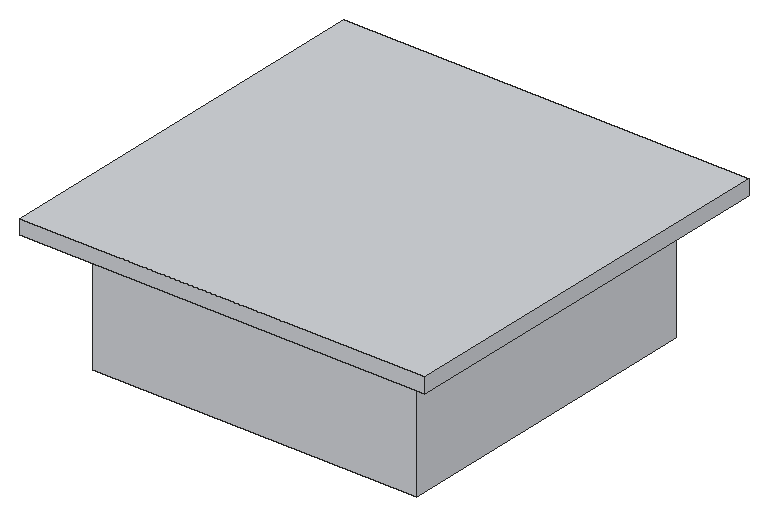
Revit family "ac0edb5ef82b4b84be1508ea46e4ce5e", category Fire Alarm Devices, host Face, Revit 2021
Family settings
  Host = Face
  Maintain Annotation Orientation = Yes
  Round Connector Dimension = Use Diameter
  Part Type = Normal
  OmniClass Number = 23.85.30.21.11.17
  OmniClass Title = Other Components
  Seek Item ID = Bell - Chime-0000-USA-ENU
  Cut with Voids When Loaded = No
  Shared = No
  Room Calculation Point = No
Parameters (values of type "Standard")
  Material = none
  Length 1 = 0' - 1 17/32"
  Default Elevation = 4' - 0"
Reference planes (in)
  plane 1 "Center (Front/Back)": y = 0
  plane 2: z = 0
  plane 3 "Center (Left/Right)": x = 0
  plane 4: x = -2.5
  plane 5: x = 2.5
  plane 6: y = 2.5
  plane 7: y = -2.5
  plane 8: z = 0.1875
  plane 9: z = -1.53125
  plane 10: y = 2
  plane 11: y = -2
  plane 12: x = -2
  plane 13: x = 2
Forms (in)
  Extrusion 1, solid, material <- "Material"
    sketch origin (0, 0, 0) x (1, 0, 0) y (0, 1, 0)
      loop
        line (-2.5, 2.5) -> (-2.5, -2.5) -> (2.5, -2.5) -> (2.5, 2.5) -> (-2.5, 2.5)
    from 0 to 0.1875
  Extrusion 2, solid, material <- "Material"
    sketch origin (0, 0, 0) x (1, 0, 0) y (0, 1, 0)
      loop
        line (-2, 2) -> (-2, -2) -> (2, -2) -> (2, 2) -> (-2, 2)
    from 0 to -1.53125
Cuts and joins
  joined: Extrusion 1, Extrusion 2
Lines and regions (in)
  symbolic lines, detail levels fine
    curve 1: line (2.5, 0, 0.1875) -> (-2.5, 0, 0.1875)
    curve 2: line (-2.5, 0, 0.1875) -> (-2.5, 0, 0)
    curve 3: line (-2.5, 0, 0) -> (2.5, 0, 0)
    curve 4: line (-2, 0, 0) -> (-2, 0, -1.53125)
    curve 5: line (-2, 0, -1.53125) -> (2, 0, -1.53125)
    curve 6: line (2, 0, -1.53125) -> (2, 0, 0)
    curve 7: line (2.5, 0, 0) -> (2.5, 0, 0.1875)
Dimensions and locks (in)
  equal spacing: plane 4, plane 3 "Center (Left/Right)", plane 5
  equal spacing: plane 6, plane 1 "Center (Front/Back)", plane 7
  locked: plane 4 to plane 5 at 5
  locked: plane 6 to plane 7 at 5
  locked: plane 8 to plane 2 at 0.1875
  equal spacing: plane 12, plane 3 "Center (Left/Right)", plane 13
  equal spacing: plane 10, plane 1 "Center (Front/Back)", plane 11
  locked: plane 10 to plane 11 at 4
  locked: plane 12 to plane 13 at 4
  "Length 1": host face to plane 9
  aligned and locked: plane 2 to host face
  aligned and locked: level to host face
  aligned and locked: Extrusion 1 to plane 4
  aligned and locked: plane 5 to Extrusion 1
  aligned and locked: plane 6 to Extrusion 1
  aligned and locked: Extrusion 1 to plane 7
  aligned and locked: plane 8 to Extrusion 1
  aligned and locked: Extrusion 1 to plane 2
  aligned and locked: plane 2 to Extrusion 2
  aligned and locked: Extrusion 2 to plane 9
  aligned and locked: Extrusion 2 to plane 12
  aligned and locked: plane 13 to Extrusion 2
  aligned and locked: plane 10 to Extrusion 2
  aligned and locked: Extrusion 2 to plane 11
  aligned and locked: curve 1 to cut or joined group of Extrusion 1, Extrusion 2
  aligned and locked: curve 2 to cut or joined group of Extrusion 1, Extrusion 2
  aligned and locked: curve 3 to cut or joined group of Extrusion 1, Extrusion 2
  aligned and locked: curve 4 to cut or joined group of Extrusion 1, Extrusion 2
  aligned and locked: curve 5 to cut or joined group of Extrusion 1, Extrusion 2
  aligned and locked: curve 6 to cut or joined group of Extrusion 1, Extrusion 2
  aligned and locked: curve 7 to cut or joined group of Extrusion 1, Extrusion 2
  aligned and locked: plane 1 "Center (Front/Back)" to nested 1
  aligned and locked: plane 3 "Center (Left/Right)" to nested 1
Automatic sketch dimensions
  host sketch curve to host sketch curve = 8' - 0"  (x2)
  plane 4 to Extrusion 1 sketch curve = 0' - 0"
  plane 3 "Center (Left/Right)" to Extrusion 1 sketch curve = 0' - 2 1/2"
  plane 7 to Extrusion 1 sketch curve = 0' - 0"
  Extrusion 1 sketch curve to plane 1 "Center (Front/Back)" = 0' - 2 1/2"
  Extrusion 2 sketch curve to plane 3 "Center (Left/Right)" = 0' - 2"
  plane 3 "Center (Left/Right)" to Extrusion 2 sketch curve = 0' - 2"
  plane 1 "Center (Front/Back)" to Extrusion 2 sketch curve = 0' - 2"
  Extrusion 2 sketch curve to plane 6 = 0' - 0 1/2"
Nested families (in)
  nested 1: "Bell - Chime Annotation" at (0, 0, 0), type "Bell - Chime Annotation", detail levels coarse+medium
Connectors (in)
  electrical at (0, 2, -0.76563)
    settings: on Extrusion 2, index 1, voltage 0 V, apparent load 0 VA, apparent load phase1 0 VA, apparent load phase2 0 VA, apparent load phase3 0 VA, power factor 1, load classification "Other", number of poles 1, system type 11, power factor state 1, is connector primary yes, connector utility no, sub classification motor no, connector description ""
Definition of nested family "Bell - Chime Annotation"
  Parameters
    Label Annotation = ""
  Reference planes (in)
    plane 1: y = 0
    plane 2: x = 0
  Lines and regions (in)
    reference lines
      curve 1: line (-0.0625, 1.21278, 0) -> (-0.0625, -0.18568, 0)
      curve 2: line (0.0625, 1.42732, 0) -> (0.0625, -0.18568, 0)
      curve 3: line (-0.34598, 0.03125, 0) -> (0.83848, 0.03125, 0)
      curve 4: line (-0.03125, 0.07041, 0) -> (-0.03125, -0.06906, 0)
      curve 5: line (0.03125, 0.05879, 0) -> (0.03125, -0.10135, 0)
      curve 6: line (-0.20097, 0.09375, 0) -> (0.47212, 0.09375, 0)
    detail lines
      curve 7: arc (0.0625, 0.03125, 0) -> (0, 0.09375, 0) -> (-0.0625, 0.03125, 0) r 0.0625
      curve 8: line (-0.0625, 0.03125, 0) -> (0.0625, 0.03125, 0)
      curve 9: line (-0.03125, 0.03125, 0) -> (-0.03125, 0, 0)
      curve 10: line (0.03125, 0.03125, 0) -> (0.03125, 0, 0)
      curve 11: line (-0.0625, 0, 0) -> (-0.03125, 0, 0)
      curve 12: line (0.03125, 0, 0) -> (0.0625, 0, 0)
  Text (in)
    label "C" at (0.08162, -0.00402, 0), shows "Label Annotation"
  Dimensions and locks (in)
    locked: curve 1 to plane 2 at 0.0625
    locked: plane 2 to curve 2 at 0.0625
    locked: plane 1 to curve 3 at 0.03125
    locked: curve 4 to plane 2 at 0.03125
    locked: plane 2 to curve 5 at 0.03125
    locked: curve 3 to curve 6 at 0.0625
    aligned and locked: curve 3 to curve 7
    aligned and locked: plane 2 to curve 7
    aligned and locked: curve 2 to curve 8
    aligned and locked: curve 1 to curve 8
    aligned and locked: curve 3 to curve 8
    aligned and locked: curve 3 to curve 10
    aligned and locked: plane 1 to curve 10
    aligned and locked: curve 5 to curve 10
    aligned and locked: curve 3 to curve 9
    aligned and locked: plane 1 to curve 9
    aligned and locked: curve 4 to curve 9
    aligned and locked: curve 1 to curve 11
    aligned and locked: curve 4 to curve 11
    aligned and locked: plane 1 to curve 11
    aligned and locked: curve 5 to curve 12
    aligned and locked: curve 2 to curve 12
    aligned and locked: plane 1 to curve 12
